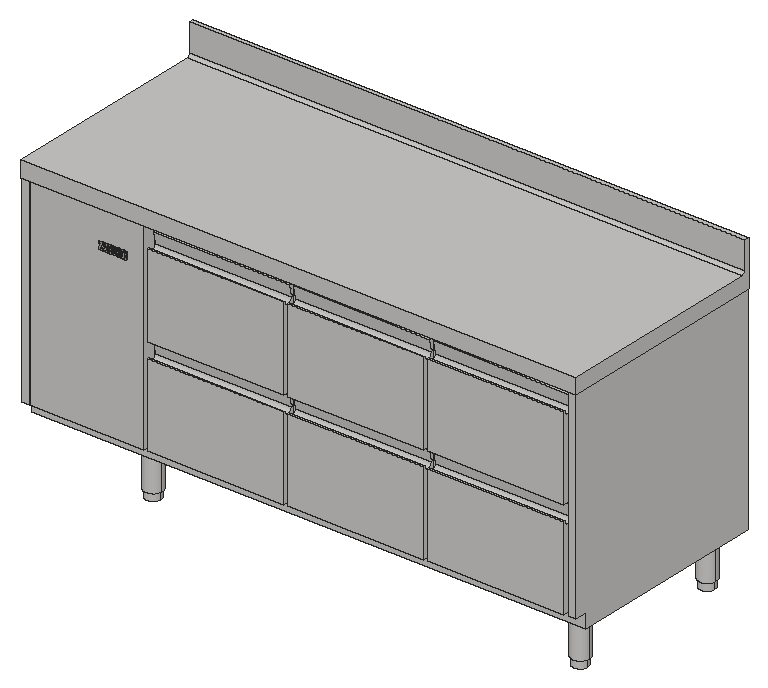
Revit family "QF_ZANUSSI_111048_ZH3H3BBB", category Specialty Equipment, Revit 2018 (continued)
Definition of nested family "ZAN_Cooling Unit"
  Lines and regions (mm)
    Split face 129
      outline origin (55.016, 2, -293.144) x (0, 0, 1) y (-1, 0, 0)
        loop
          line (502.647, 158.547) -> (502.647, 116.535)
          arc (502.647, 116.535) -> (506.648, 112.533) -> (510.649, 116.535) r 4.001
          line (510.649, 116.535) -> (510.649, 158.547)
    Split face 130
      outline origin (110.032, 2, -113.091) x (0, 0, 1) y (-1, 0, 0)
        loop
          arc (510.649, 158.547) -> (506.648, 162.548) -> (502.647, 158.547) r 4.001
          line (502.647, 158.547) -> (502.647, 116.535)
          arc (502.647, 116.535) -> (506.648, 112.533) -> (510.649, 116.535) r 4.001
          line (510.649, 116.535) -> (510.649, 158.547)
    Split face 131
      outline origin (110.032, 2, -125.094) x (0, 0, 1) y (-1, 0, 0)
        loop
          arc (510.649, 158.547) -> (506.648, 162.548) -> (502.647, 158.547) r 4.001
          line (502.647, 158.547) -> (502.647, 116.535)
          arc (502.647, 116.535) -> (506.648, 112.533) -> (510.649, 116.535) r 4.001
          line (510.649, 116.535) -> (510.649, 158.547)
    Split face 132
      outline origin (110.032, 2, -137.098) x (0, 0, 1) y (-1, 0, 0)
        loop
          arc (510.649, 158.547) -> (506.648, 162.548) -> (502.647, 158.547) r 4.001
          line (502.647, 158.547) -> (502.647, 116.535)
          arc (502.647, 116.535) -> (506.648, 112.533) -> (510.649, 116.535) r 4.001
          line (510.649, 116.535) -> (510.649, 158.547)
    Split face 133
      outline origin (110.032, 2, -149.101) x (0, 0, 1) y (-1, 0, 0)
        loop
          arc (510.649, 158.547) -> (506.648, 162.548) -> (502.647, 158.547) r 4.001
          line (502.647, 158.547) -> (502.647, 116.535)
          arc (502.647, 116.535) -> (506.648, 112.533) -> (510.649, 116.535) r 4.001
          line (510.649, 116.535) -> (510.649, 158.547)
    Split face 134
      outline origin (110.032, 2, -161.105) x (0, 0, 1) y (-1, 0, 0)
        loop
          arc (510.649, 158.547) -> (506.648, 162.548) -> (502.647, 158.547) r 4.001
          line (502.647, 158.547) -> (502.647, 116.535)
          arc (502.647, 116.535) -> (506.648, 112.533) -> (510.649, 116.535) r 4.001
          line (510.649, 116.535) -> (510.649, 158.547)
    Split face 135
      outline origin (110.032, 2, -173.108) x (0, 0, 1) y (-1, 0, 0)
        loop
          arc (510.649, 158.547) -> (506.648, 162.548) -> (502.647, 158.547) r 4.001
          line (502.647, 158.547) -> (502.647, 116.535)
          arc (502.647, 116.535) -> (506.648, 112.533) -> (510.649, 116.535) r 4.001
          line (510.649, 116.535) -> (510.649, 158.547)
    Split face 136
      outline origin (110.032, 2, -185.112) x (0, 0, 1) y (-1, 0, 0)
        loop
          arc (510.649, 158.547) -> (506.648, 162.548) -> (502.647, 158.547) r 4.001
          line (502.647, 158.547) -> (502.647, 116.535)
          arc (502.647, 116.535) -> (506.648, 112.533) -> (510.649, 116.535) r 4.001
          line (510.649, 116.535) -> (510.649, 158.547)
    Split face 137
      outline origin (110.032, 2, -197.115) x (0, 0, 1) y (-1, 0, 0)
        loop
          arc (510.649, 158.547) -> (506.648, 162.548) -> (502.647, 158.547) r 4.001
          line (502.647, 158.547) -> (502.647, 116.535)
          arc (502.647, 116.535) -> (506.648, 112.533) -> (510.649, 116.535) r 4.001
          line (510.649, 116.535) -> (510.649, 158.547)
    Split face 138
      outline origin (110.032, 2, -209.119) x (0, 0, 1) y (-1, 0, 0)
        loop
          arc (510.649, 158.547) -> (506.648, 162.548) -> (502.647, 158.547) r 4.001
          line (502.647, 158.547) -> (502.647, 116.535)
          arc (502.647, 116.535) -> (506.648, 112.533) -> (510.649, 116.535) r 4.001
          line (510.649, 116.535) -> (510.649, 158.547)
    Split face 139
      outline origin (110.032, 2, -221.122) x (0, 0, 1) y (-1, 0, 0)
        loop
          arc (510.649, 158.547) -> (506.648, 162.548) -> (502.647, 158.547) r 4.001
          line (502.647, 158.547) -> (502.647, 116.535)
          arc (502.647, 116.535) -> (506.648, 112.533) -> (510.649, 116.535) r 4.001
          line (510.649, 116.535) -> (510.649, 158.547)
    Split face 140
      outline origin (110.032, 2, -233.126) x (0, 0, 1) y (-1, 0, 0)
        loop
          arc (510.649, 158.547) -> (506.648, 162.548) -> (502.647, 158.547) r 4.001
          line (502.647, 158.547) -> (502.647, 116.535)
          arc (502.647, 116.535) -> (506.648, 112.533) -> (510.649, 116.535) r 4.001
          line (510.649, 116.535) -> (510.649, 158.547)
    Split face 141
      outline origin (110.032, 2, -245.129) x (0, 0, 1) y (-1, 0, 0)
        loop
          arc (510.649, 158.547) -> (506.648, 162.548) -> (502.647, 158.547) r 4.001
          line (502.647, 158.547) -> (502.647, 116.535)
          arc (502.647, 116.535) -> (506.648, 112.533) -> (510.649, 116.535) r 4.001
          line (510.649, 116.535) -> (510.649, 158.547)
    Split face 142
      outline origin (110.032, 2, -257.133) x (0, 0, 1) y (-1, 0, 0)
        loop
          arc (510.649, 158.547) -> (506.648, 162.548) -> (502.647, 158.547) r 4.001
          line (502.647, 158.547) -> (502.647, 116.535)
          arc (502.647, 116.535) -> (506.648, 112.533) -> (510.649, 116.535) r 4.001
          line (510.649, 116.535) -> (510.649, 158.547)
    Split face 143
      outline origin (110.032, 2, -269.136) x (0, 0, 1) y (-1, 0, 0)
        loop
          arc (510.649, 158.547) -> (506.648, 162.548) -> (502.647, 158.547) r 4.001
          line (502.647, 158.547) -> (502.647, 116.535)
          arc (502.647, 116.535) -> (506.648, 112.533) -> (510.649, 116.535) r 4.001
          line (510.649, 116.535) -> (510.649, 158.547)
    Split face 144
      outline origin (110.032, 2, -281.14) x (0, 0, 1) y (-1, 0, 0)
        loop
          arc (510.649, 158.547) -> (506.648, 162.548) -> (502.647, 158.547) r 4.001
          line (502.647, 158.547) -> (502.647, 116.535)
          arc (502.647, 116.535) -> (506.648, 112.533) -> (510.649, 116.535) r 4.001
          line (510.649, 116.535) -> (510.649, 158.547)
    Split face 145
      outline origin (110.032, 2, -293.144) x (0, 0, 1) y (-1, 0, 0)
        loop
          arc (510.649, 158.547) -> (506.648, 162.548) -> (502.647, 158.547) r 4.001
          line (502.647, 158.547) -> (502.647, 116.535)
          arc (502.647, 116.535) -> (506.648, 112.533) -> (510.649, 116.535) r 4.001
          line (510.649, 116.535) -> (510.649, 158.547)
    Split face 146
      outline origin (165.048, 2, -113.091) x (0, 0, 1) y (-1, 0, 0)
        loop
          arc (510.649, 158.547) -> (506.648, 162.548) -> (502.647, 158.547) r 4.001
          line (502.647, 158.547) -> (502.647, 116.535)
          arc (502.647, 116.535) -> (506.648, 112.533) -> (510.649, 116.535) r 4.001
          line (510.649, 116.535) -> (510.649, 158.547)
    Split face 147
      outline origin (165.048, 2, -125.094) x (0, 0, 1) y (-1, 0, 0)
        loop
          arc (510.649, 158.547) -> (506.648, 162.548) -> (502.647, 158.547) r 4.001
          line (502.647, 158.547) -> (502.647, 116.535)
          arc (502.647, 116.535) -> (506.648, 112.533) -> (510.649, 116.535) r 4.001
          line (510.649, 116.535) -> (510.649, 158.547)
    Split face 148
      outline origin (165.048, 2, -137.098) x (0, 0, 1) y (-1, 0, 0)
        loop
          arc (510.649, 158.547) -> (506.648, 162.548) -> (502.647, 158.547) r 4.001
          line (502.647, 158.547) -> (502.647, 116.535)
          arc (502.647, 116.535) -> (506.648, 112.533) -> (510.649, 116.535) r 4.001
          line (510.649, 116.535) -> (510.649, 158.547)
    Split face 149
      outline origin (165.048, 2, -149.101) x (0, 0, 1) y (-1, 0, 0)
        loop
          arc (510.649, 158.547) -> (506.648, 162.548) -> (502.647, 158.547) r 4.001
          line (502.647, 158.547) -> (502.647, 116.535)
          arc (502.647, 116.535) -> (506.648, 112.533) -> (510.649, 116.535) r 4.001
          line (510.649, 116.535) -> (510.649, 158.547)
    Split face 150
      outline origin (165.048, 2, -161.105) x (0, 0, 1) y (-1, 0, 0)
        loop
          arc (510.649, 158.547) -> (506.648, 162.548) -> (502.647, 158.547) r 4.001
          line (502.647, 158.547) -> (502.647, 116.535)
          arc (502.647, 116.535) -> (506.648, 112.533) -> (510.649, 116.535) r 4.001
          line (510.649, 116.535) -> (510.649, 158.547)
    Split face 151
      outline origin (165.048, 2, -173.108) x (0, 0, 1) y (-1, 0, 0)
        loop
          arc (510.649, 158.547) -> (506.648, 162.548) -> (502.647, 158.547) r 4.001
          line (502.647, 158.547) -> (502.647, 116.535)
          arc (502.647, 116.535) -> (506.648, 112.533) -> (510.649, 116.535) r 4.001
          line (510.649, 116.535) -> (510.649, 158.547)
    Split face 152
      outline origin (165.048, 2, -185.112) x (0, 0, 1) y (-1, 0, 0)
        loop
          arc (510.649, 158.547) -> (506.648, 162.548) -> (502.647, 158.547) r 4.001
          line (502.647, 158.547) -> (502.647, 116.535)
          arc (502.647, 116.535) -> (506.648, 112.533) -> (510.649, 116.535) r 4.001
          line (510.649, 116.535) -> (510.649, 158.547)
    Split face 153
      outline origin (165.048, 2, -197.115) x (0, 0, 1) y (-1, 0, 0)
        loop
          arc (510.649, 158.547) -> (506.648, 162.548) -> (502.647, 158.547) r 4.001
          line (502.647, 158.547) -> (502.647, 116.535)
          arc (502.647, 116.535) -> (506.648, 112.533) -> (510.649, 116.535) r 4.001
          line (510.649, 116.535) -> (510.649, 158.547)
    Split face 154
      outline origin (165.048, 2, -209.119) x (0, 0, 1) y (-1, 0, 0)
        loop
          arc (510.649, 158.547) -> (506.648, 162.548) -> (502.647, 158.547) r 4.001
          line (502.647, 158.547) -> (502.647, 116.535)
          arc (502.647, 116.535) -> (506.648, 112.533) -> (510.649, 116.535) r 4.001
          line (510.649, 116.535) -> (510.649, 158.547)
    Split face 155
      outline origin (165.048, 2, -221.122) x (0, 0, 1) y (-1, 0, 0)
        loop
          arc (510.649, 158.547) -> (506.648, 162.548) -> (502.647, 158.547) r 4.001
          line (502.647, 158.547) -> (502.647, 116.535)
          arc (502.647, 116.535) -> (506.648, 112.533) -> (510.649, 116.535) r 4.001
          line (510.649, 116.535) -> (510.649, 158.547)
    Split face 156
      outline origin (165.048, 2, -233.126) x (0, 0, 1) y (-1, 0, 0)
        loop
          arc (510.649, 158.547) -> (506.648, 162.548) -> (502.647, 158.547) r 4.001
          line (502.647, 158.547) -> (502.647, 116.535)
          arc (502.647, 116.535) -> (506.648, 112.533) -> (510.649, 116.535) r 4.001
          line (510.649, 116.535) -> (510.649, 158.547)
    Split face 157
      outline origin (165.048, 2, -245.129) x (0, 0, 1) y (-1, 0, 0)
        loop
          arc (510.649, 158.547) -> (506.648, 162.548) -> (502.647, 158.547) r 4.001
          line (502.647, 158.547) -> (502.647, 116.535)
          arc (502.647, 116.535) -> (506.648, 112.533) -> (510.649, 116.535) r 4.001
          line (510.649, 116.535) -> (510.649, 158.547)
    Split face 158
      outline origin (165.048, 2, -257.133) x (0, 0, 1) y (-1, 0, 0)
        loop
          arc (510.649, 158.547) -> (506.648, 162.548) -> (502.647, 158.547) r 4.001
          line (502.647, 158.547) -> (502.647, 116.535)
          arc (502.647, 116.535) -> (506.648, 112.533) -> (510.649, 116.535) r 4.001
          line (510.649, 116.535) -> (510.649, 158.547)
    Split face 159
      outline origin (165.048, 2, -269.136) x (0, 0, 1) y (-1, 0, 0)
        loop
          arc (510.649, 158.547) -> (506.648, 162.548) -> (502.647, 158.547) r 4.001
          line (502.647, 158.547) -> (502.647, 116.535)
          arc (502.647, 116.535) -> (506.648, 112.533) -> (510.649, 116.535) r 4.001
          line (510.649, 116.535) -> (510.649, 158.547)
    Split face 160
      outline origin (165.048, 2, -281.14) x (0, 0, 1) y (-1, 0, 0)
        loop
          arc (510.649, 158.547) -> (506.648, 162.548) -> (502.647, 158.547) r 4.001
          line (502.647, 158.547) -> (502.647, 116.535)
          arc (502.647, 116.535) -> (506.648, 112.533) -> (510.649, 116.535) r 4.001
          line (510.649, 116.535) -> (510.649, 158.547)
    Split face 161
      outline origin (165.048, 2, -293.144) x (0, 0, 1) y (-1, 0, 0)
        loop
          arc (510.649, 158.547) -> (506.648, 162.548) -> (502.647, 158.547) r 4.001
          line (502.647, 158.547) -> (502.647, 116.535)
          arc (502.647, 116.535) -> (506.648, 112.533) -> (510.649, 116.535) r 4.001
          line (510.649, 116.535) -> (510.649, 158.547)
    Split face 162
      outline origin (220.064, 2, -113.091) x (0, 0, 1) y (-1, 0, 0)
        loop
          arc (510.649, 158.547) -> (506.648, 162.548) -> (502.647, 158.547) r 4.001
          line (502.647, 158.547) -> (502.647, 116.535)
          arc (502.647, 116.535) -> (506.648, 112.533) -> (510.649, 116.535) r 4.001
          line (510.649, 116.535) -> (510.649, 158.547)
    Split face 163
      outline origin (220.064, 2, -125.094) x (0, 0, 1) y (-1, 0, 0)
        loop
          arc (510.649, 158.547) -> (506.648, 162.548) -> (502.647, 158.547) r 4.001
          line (502.647, 158.547) -> (502.647, 116.535)
          arc (502.647, 116.535) -> (506.648, 112.533) -> (510.649, 116.535) r 4.001
          line (510.649, 116.535) -> (510.649, 158.547)
    Split face 164
      outline origin (220.064, 2, -137.098) x (0, 0, 1) y (-1, 0, 0)
        loop
          arc (510.649, 158.547) -> (506.648, 162.548) -> (502.647, 158.547) r 4.001
          line (502.647, 158.547) -> (502.647, 116.535)
          arc (502.647, 116.535) -> (506.648, 112.533) -> (510.649, 116.535) r 4.001
          line (510.649, 116.535) -> (510.649, 158.547)
    Split face 165
      outline origin (220.064, 2, -149.101) x (0, 0, 1) y (-1, 0, 0)
        loop
          arc (510.649, 158.547) -> (506.648, 162.548) -> (502.647, 158.547) r 4.001
          line (502.647, 158.547) -> (502.647, 116.535)
          arc (502.647, 116.535) -> (506.648, 112.533) -> (510.649, 116.535) r 4.001
          line (510.649, 116.535) -> (510.649, 158.547)
    Split face 166
      outline origin (220.064, 2, -161.105) x (0, 0, 1) y (-1, 0, 0)
        loop
          arc (510.649, 158.547) -> (506.648, 162.548) -> (502.647, 158.547) r 4.001
          line (502.647, 158.547) -> (502.647, 116.535)
          arc (502.647, 116.535) -> (506.648, 112.533) -> (510.649, 116.535) r 4.001
          line (510.649, 116.535) -> (510.649, 158.547)
    Split face 167
      outline origin (220.064, 2, -173.108) x (0, 0, 1) y (-1, 0, 0)
        loop
          arc (510.649, 158.547) -> (506.648, 162.548) -> (502.647, 158.547) r 4.001
          line (502.647, 158.547) -> (502.647, 116.535)
          arc (502.647, 116.535) -> (506.648, 112.533) -> (510.649, 116.535) r 4.001
          line (510.649, 116.535) -> (510.649, 158.547)
    Split face 168
      outline origin (220.064, 2, -185.112) x (0, 0, 1) y (-1, 0, 0)
        loop
          arc (510.649, 158.547) -> (506.648, 162.548) -> (502.647, 158.547) r 4.001
          line (502.647, 158.547) -> (502.647, 116.535)
          arc (502.647, 116.535) -> (506.648, 112.533) -> (510.649, 116.535) r 4.001
          line (510.649, 116.535) -> (510.649, 158.547)
    Split face 169
      outline origin (220.064, 2, -197.115) x (0, 0, 1) y (-1, 0, 0)
        loop
          arc (510.649, 158.547) -> (506.648, 162.548) -> (502.647, 158.547) r 4.001
          line (502.647, 158.547) -> (502.647, 116.535)
          arc (502.647, 116.535) -> (506.648, 112.533) -> (510.649, 116.535) r 4.001
          line (510.649, 116.535) -> (510.649, 158.547)
    Split face 170
      outline origin (220.064, 2, -209.119) x (0, 0, 1) y (-1, 0, 0)
        loop
          arc (510.649, 158.547) -> (506.648, 162.548) -> (502.647, 158.547) r 4.001
          line (502.647, 158.547) -> (502.647, 116.535)
          arc (502.647, 116.535) -> (506.648, 112.533) -> (510.649, 116.535) r 4.001
          line (510.649, 116.535) -> (510.649, 158.547)
    Split face 171
      outline origin (220.064, 2, -221.122) x (0, 0, 1) y (-1, 0, 0)
        loop
          arc (510.649, 158.547) -> (506.648, 162.548) -> (502.647, 158.547) r 4.001
          line (502.647, 158.547) -> (502.647, 116.535)
          arc (502.647, 116.535) -> (506.648, 112.533) -> (510.649, 116.535) r 4.001
          line (510.649, 116.535) -> (510.649, 158.547)
    Split face 172
      outline origin (220.064, 2, -233.126) x (0, 0, 1) y (-1, 0, 0)
        loop
          arc (510.649, 158.547) -> (506.648, 162.548) -> (502.647, 158.547) r 4.001
          line (502.647, 158.547) -> (502.647, 116.535)
          arc (502.647, 116.535) -> (506.648, 112.533) -> (510.649, 116.535) r 4.001
          line (510.649, 116.535) -> (510.649, 158.547)
    Split face 173
      outline origin (220.064, 2, -245.129) x (0, 0, 1) y (-1, 0, 0)
        loop
          arc (510.649, 158.547) -> (506.648, 162.548) -> (502.647, 158.547) r 4.001
          line (502.647, 158.547) -> (502.647, 116.535)
          arc (502.647, 116.535) -> (506.648, 112.533) -> (510.649, 116.535) r 4.001
          line (510.649, 116.535) -> (510.649, 158.547)
    Split face 174
      outline origin (220.064, 2, -257.133) x (0, 0, 1) y (-1, 0, 0)
        loop
          arc (510.649, 158.547) -> (506.648, 162.548) -> (502.647, 158.547) r 4.001
          line (502.647, 158.547) -> (502.647, 116.535)
          arc (502.647, 116.535) -> (506.648, 112.533) -> (510.649, 116.535) r 4.001
          line (510.649, 116.535) -> (510.649, 158.547)
    Split face 175
      outline origin (220.064, 2, -269.136) x (0, 0, 1) y (-1, 0, 0)
        loop
          arc (510.649, 158.547) -> (506.648, 162.548) -> (502.647, 158.547) r 4.001
          line (502.647, 158.547) -> (502.647, 116.535)
          arc (502.647, 116.535) -> (506.648, 112.533) -> (510.649, 116.535) r 4.001
          line (510.649, 116.535) -> (510.649, 158.547)
    Split face 176
      outline origin (220.064, 2, -281.14) x (0, 0, 1) y (-1, 0, 0)
        loop
          arc (510.649, 158.547) -> (506.648, 162.548) -> (502.647, 158.547) r 4.001
          line (502.647, 158.547) -> (502.647, 116.535)
          arc (502.647, 116.535) -> (506.648, 112.533) -> (510.649, 116.535) r 4.001
          line (510.649, 116.535) -> (510.649, 158.547)
    Split face 177
      outline origin (220.064, 2, -293.144) x (0, 0, 1) y (-1, 0, 0)
        loop
          arc (510.649, 158.547) -> (506.648, 162.548) -> (502.647, 158.547) r 4.001
          line (502.647, 158.547) -> (502.647, 116.535)
          arc (502.647, 116.535) -> (506.648, 112.533) -> (510.649, 116.535) r 4.001
          line (510.649, 116.535) -> (510.649, 158.547)
    Split face 178
      outline origin (275.081, 2, -113.091) x (0, 0, 1) y (-1, 0, 0)
        loop
          arc (510.649, 158.547) -> (506.648, 162.548) -> (502.647, 158.547) r 4.001
          line (502.647, 158.547) -> (502.647, 116.535)
          arc (502.647, 116.535) -> (506.648, 112.533) -> (510.649, 116.535) r 4.001
          line (510.649, 116.535) -> (510.649, 158.547)
    Split face 179
      outline origin (275.081, 2, -125.094) x (0, 0, 1) y (-1, 0, 0)
        loop
          arc (510.649, 158.547) -> (506.648, 162.548) -> (502.647, 158.547) r 4.001
          line (502.647, 158.547) -> (502.647, 116.535)
          arc (502.647, 116.535) -> (506.648, 112.533) -> (510.649, 116.535) r 4.001
          line (510.649, 116.535) -> (510.649, 158.547)
    Split face 180
      outline origin (275.081, 2, -137.098) x (0, 0, 1) y (-1, 0, 0)
        loop
          arc (510.649, 158.547) -> (506.648, 162.548) -> (502.647, 158.547) r 4.001
          line (502.647, 158.547) -> (502.647, 116.535)
          arc (502.647, 116.535) -> (506.648, 112.533) -> (510.649, 116.535) r 4.001
          line (510.649, 116.535) -> (510.649, 158.547)
    Split face 181
      outline origin (275.081, 2, -149.101) x (0, 0, 1) y (-1, 0, 0)
        loop
          arc (510.649, 158.547) -> (506.648, 162.548) -> (502.647, 158.547) r 4.001
          line (502.647, 158.547) -> (502.647, 116.535)
          arc (502.647, 116.535) -> (506.648, 112.533) -> (510.649, 116.535) r 4.001
          line (510.649, 116.535) -> (510.649, 158.547)
    Split face 182
      outline origin (275.081, 2, -161.105) x (0, 0, 1) y (-1, 0, 0)
        loop
          arc (510.649, 158.547) -> (506.648, 162.548) -> (502.647, 158.547) r 4.001
          line (502.647, 158.547) -> (502.647, 116.535)
          arc (502.647, 116.535) -> (506.648, 112.533) -> (510.649, 116.535) r 4.001
          line (510.649, 116.535) -> (510.649, 158.547)
    Split face 183
      outline origin (275.081, 2, -173.108) x (0, 0, 1) y (-1, 0, 0)
        loop
          arc (510.649, 158.547) -> (506.648, 162.548) -> (502.647, 158.547) r 4.001
          line (502.647, 158.547) -> (502.647, 116.535)
          arc (502.647, 116.535) -> (506.648, 112.533) -> (510.649, 116.535) r 4.001
          line (510.649, 116.535) -> (510.649, 158.547)
    Split face 184
      outline origin (275.081, 2, -185.112) x (0, 0, 1) y (-1, 0, 0)
        loop
          arc (510.649, 158.547) -> (506.648, 162.548) -> (502.647, 158.547) r 4.001
          line (502.647, 158.547) -> (502.647, 116.535)
          arc (502.647, 116.535) -> (506.648, 112.533) -> (510.649, 116.535) r 4.001
          line (510.649, 116.535) -> (510.649, 158.547)
    Split face 185
      outline origin (275.081, 2, -197.115) x (0, 0, 1) y (-1, 0, 0)
        loop
          arc (510.649, 158.547) -> (506.648, 162.548) -> (502.647, 158.547) r 4.001
          line (502.647, 158.547) -> (502.647, 116.535)
          arc (502.647, 116.535) -> (506.648, 112.533) -> (510.649, 116.535) r 4.001
          line (510.649, 116.535) -> (510.649, 158.547)
    Split face 186
      outline origin (275.081, 2, -209.119) x (0, 0, 1) y (-1, 0, 0)
        loop
          arc (510.649, 158.547) -> (506.648, 162.548) -> (502.647, 158.547) r 4.001
          line (502.647, 158.547) -> (502.647, 116.535)
          arc (502.647, 116.535) -> (506.648, 112.533) -> (510.649, 116.535) r 4.001
          line (510.649, 116.535) -> (510.649, 158.547)
    Split face 187
      outline origin (275.081, 2, -221.122) x (0, 0, 1) y (-1, 0, 0)
        loop
          arc (510.649, 158.547) -> (506.648, 162.548) -> (502.647, 158.547) r 4.001
          line (502.647, 158.547) -> (502.647, 116.535)
          arc (502.647, 116.535) -> (506.648, 112.533) -> (510.649, 116.535) r 4.001
          line (510.649, 116.535) -> (510.649, 158.547)
    Split face 188
      outline origin (275.081, 2, -233.126) x (0, 0, 1) y (-1, 0, 0)
        loop
          arc (510.649, 158.547) -> (506.648, 162.548) -> (502.647, 158.547) r 4.001
          line (502.647, 158.547) -> (502.647, 116.535)
          arc (502.647, 116.535) -> (506.648, 112.533) -> (510.649, 116.535) r 4.001
          line (510.649, 116.535) -> (510.649, 158.547)
    Split face 189
      outline origin (275.081, 2, -245.129) x (0, 0, 1) y (-1, 0, 0)
        loop
          arc (510.649, 158.547) -> (506.648, 162.548) -> (502.647, 158.547) r 4.001
          line (502.647, 158.547) -> (502.647, 116.535)
          arc (502.647, 116.535) -> (506.648, 112.533) -> (510.649, 116.535) r 4.001
          line (510.649, 116.535) -> (510.649, 158.547)
    Split face 190
      outline origin (275.081, 2, -257.133) x (0, 0, 1) y (-1, 0, 0)
        loop
          arc (510.649, 158.547) -> (506.648, 162.548) -> (502.647, 158.547) r 4.001
          line (502.647, 158.547) -> (502.647, 116.535)
          arc (502.647, 116.535) -> (506.648, 112.533) -> (510.649, 116.535) r 4.001
          line (510.649, 116.535) -> (510.649, 158.547)
    Split face 191
      outline origin (275.081, 2, -269.136) x (0, 0, 1) y (-1, 0, 0)
        loop
          arc (510.649, 158.547) -> (506.648, 162.548) -> (502.647, 158.547) r 4.001
          line (502.647, 158.547) -> (502.647, 116.535)
          arc (502.647, 116.535) -> (506.648, 112.533) -> (510.649, 116.535) r 4.001
          line (510.649, 116.535) -> (510.649, 158.547)
    Split face 192
      outline origin (275.081, 2, -281.14) x (0, 0, 1) y (-1, 0, 0)
        loop
          arc (510.649, 158.547) -> (506.648, 162.548) -> (502.647, 158.547) r 4.001
          line (502.647, 158.547) -> (502.647, 116.535)
          arc (502.647, 116.535) -> (506.648, 112.533) -> (510.649, 116.535) r 4.001
          line (510.649, 116.535) -> (510.649, 158.547)
    Split face 193
      outline origin (275.081, 2, -293.144) x (0, 0, 1) y (-1, 0, 0)
        loop
          arc (510.649, 158.547) -> (506.648, 162.548) -> (502.647, 158.547) r 4.001
          line (502.647, 158.547) -> (502.647, 116.535)
          arc (502.647, 116.535) -> (506.648, 112.533) -> (510.649, 116.535) r 4.001
          line (510.649, 116.535) -> (510.649, 158.547)
    Split face 194
      outline origin (0, 2, 197) x (0, 0, 1) y (-1, 0, 0)
        loop
          spline (566.835, 20.381) -> (564.628, 19.058) -> (561.987, 18.027) -> (558.955, 17.386) -> (555.581, 17.244) -> (551.912, 17.703) -> (547.993, 18.863) -> (543.871, 20.83) -> (539.591, 23.706) -> (535.202, 27.594) -> (530.748, 32.597) -> (526.28, 38.824) -> (521.835, 46.362)
        loop
          spline (521.835, 58.392) -> (525.386, 49.242) -> (529.197, 41.481) -> (533.2, 35.023) -> (537.329, 29.786) -> (541.516, 25.684) -> (545.695, 22.634) -> (549.798, 20.552) -> (553.759, 19.355) -> (557.511, 18.958) -> (560.984, 19.275) -> (564.115, 20.227) -> (566.835, 21.726)
    Split face 195
      outline origin (0, 2, 197) x (0, 0, 1) y (-1, 0, 0)
        loop
          line (555.835, 149.5) -> (532.835, 149.5) -> (532.835, 94.5) -> (555.835, 94.5) -> (555.835, 149.5)
  Dimensions and locks
    aligned and locked: level to plane 2
  Nested families
    nested 1: "ZAN_Logo_S_Grey" at (85, 2, 741.213) x (1, 0, 0) z (0, -1, 0), visible <- "Show Logo", type "ZAN_Logo_S_Grey"
  Definition of nested family "ZAN_Logo_S_Grey"
    Parameters
      Default Elevation = 0 mm
    Reference planes
      plane 1 "Centro (Fronte/Retro)": y = 0
      plane 2: z = 0
      plane 3 "Centro (Sinistra/Destra)": x = 0
    Forms (mm)
      Extrusion 1, solid
        sketch origin (0, 0, 0) x (1, 0, 0) y (0, 1, 0)
          loop
            line (-1219.2, 1219.2) -> (-1219.2, -1219.2) -> (1219.2, -1219.2) -> (1219.2, 1219.2) -> (-1219.2, 1219.2)
        from 0 to -304.8
      Extrusion 2, solid
        sketch origin (17.793, -46.218, 0) x (-1, 0, 0) y (0, -1, 0)
          loop
            spline (-4.176, -58.079) -> (-3.496, -58.328) -> (-2.793, -58.512) -> (-2.075, -58.63) -> (-1.348, -58.682) -> (-0.619, -58.669) -> (0.106, -58.588) -> (0.818, -58.44) -> (1.512, -58.225) -> (2.18, -57.941) -> (2.817, -57.589) -> (3.414, -57.167) -> (3.966, -56.676)
            spline (3.966, -56.676) -> (4.293, -56.162) -> (4.575, -55.61) -> (4.81, -55.026) -> (5, -54.419) -> (5.146, -53.797) -> (5.247, -53.166) -> (5.304, -52.536) -> (5.318, -51.913) -> (5.288, -51.306) -> (5.217, -50.723) -> (5.103, -50.17) -> (4.949, -49.657)
            line (4.949, -49.657) -> (2.702, -46.428) -> (0.316, -44.323)
            spline (0.316, -44.323) -> (0.065, -44.115) -> (-0.195, -43.909) -> (-0.46, -43.704) -> (-0.729, -43.496) -> (-0.997, -43.282) -> (-1.263, -43.059) -> (-1.523, -42.825) -> (-1.774, -42.576) -> (-2.013, -42.309) -> (-2.238, -42.022) -> (-2.445, -41.712) -> (-2.632, -41.375)
            spline (-2.632, -41.375) -> (-2.666, -41.159) -> (-2.697, -40.934) -> (-2.722, -40.701) -> (-2.736, -40.465) -> (-2.736, -40.227) -> (-2.72, -39.989) -> (-2.682, -39.754) -> (-2.621, -39.524) -> (-2.533, -39.302) -> (-2.414, -39.091) -> (-2.261, -38.892) -> (-2.07, -38.708)
            line (-2.07, -38.708) -> (-0.245, -38.567)
            spline (-0.245, -38.567) -> (0.096, -38.8) -> (0.354, -39.074) -> (0.54, -39.381) -> (0.664, -39.716) -> (0.738, -40.073) -> (0.772, -40.445) -> (0.777, -40.825) -> (0.763, -41.208) -> (0.742, -41.588) -> (0.723, -41.957) -> (0.718, -42.309) -> (0.737, -42.638)
            line (0.737, -42.638) -> (5.65, -42.638)
            spline (5.65, -42.638) -> (5.708, -42.042) -> (5.741, -41.448) -> (5.747, -40.857) -> (5.723, -40.273) -> (5.668, -39.696) -> (5.58, -39.129) -> (5.457, -38.574) -> (5.297, -38.032) -> (5.098, -37.506) -> (4.857, -36.997) -> (4.574, -36.508) -> (4.247, -36.041)
            spline (4.247, -36.041) -> (3.844, -35.675) -> (3.409, -35.35) -> (2.946, -35.065) -> (2.458, -34.819) -> (1.949, -34.612) -> (1.421, -34.444) -> (0.88, -34.314) -> (0.326, -34.221) -> (-0.234, -34.165) -> (-0.8, -34.146) -> (-1.366, -34.163) -> (-1.93, -34.216)
            spline (-1.93, -34.216) -> (-2.526, -34.309) -> (-3.116, -34.448) -> (-3.695, -34.633) -> (-4.259, -34.861) -> (-4.801, -35.131) -> (-5.316, -35.444) -> (-5.799, -35.798) -> (-6.245, -36.191) -> (-6.648, -36.624) -> (-7.002, -37.095) -> (-7.303, -37.603) -> (-7.545, -38.146)
            spline (-7.545, -38.146) -> (-7.694, -38.815) -> (-7.792, -39.487) -> (-7.839, -40.158) -> (-7.836, -40.824) -> (-7.785, -41.482) -> (-7.685, -42.129) -> (-7.539, -42.762) -> (-7.347, -43.377) -> (-7.111, -43.97) -> (-6.83, -44.538) -> (-6.506, -45.078) -> (-6.141, -45.586)
            line (-6.141, -45.586) -> (-0.526, -50.64) -> (0.176, -51.482)
            spline (0.176, -51.482) -> (0.248, -51.66) -> (0.323, -51.843) -> (0.397, -52.03) -> (0.467, -52.22) -> (0.529, -52.412) -> (0.579, -52.605) -> (0.615, -52.798) -> (0.633, -52.989) -> (0.63, -53.179) -> (0.601, -53.366) -> (0.545, -53.55) -> (0.456, -53.728)
            spline (0.456, -53.728) -> (0.375, -53.892) -> (0.273, -54.034) -> (0.154, -54.155) -> (0.02, -54.258) -> (-0.126, -54.343) -> (-0.28, -54.412) -> (-0.441, -54.466) -> (-0.604, -54.508) -> (-0.767, -54.537) -> (-0.928, -54.556) -> (-1.082, -54.567) -> (-1.228, -54.57)
            line (-1.228, -54.57) -> (-2.632, -53.587) -> (-2.772, -50.64) -> (-7.405, -50.64)
            spline (-7.405, -50.64) -> (-7.41, -51.031) -> (-7.423, -51.432) -> (-7.44, -51.839) -> (-7.456, -52.251) -> (-7.469, -52.665) -> (-7.475, -53.079) -> (-7.468, -53.489) -> (-7.446, -53.894) -> (-7.404, -54.291) -> (-7.339, -54.679) -> (-7.247, -55.053) -> (-7.123, -55.412)
            spline (-7.123, -55.412) -> (-6.999, -55.693) -> (-6.837, -55.97) -> (-6.643, -56.244) -> (-6.422, -56.509) -> (-6.177, -56.765) -> (-5.913, -57.009) -> (-5.634, -57.238) -> (-5.346, -57.45) -> (-5.051, -57.643) -> (-4.755, -57.814) -> (-4.462, -57.96) -> (-4.176, -58.079)
          loop
            spline (-21.021, -55.552) -> (-20.633, -56.181) -> (-20.177, -56.736) -> (-19.661, -57.217) -> (-19.092, -57.627) -> (-18.478, -57.966) -> (-17.827, -58.237) -> (-17.147, -58.441) -> (-16.446, -58.578) -> (-15.73, -58.652) -> (-15.009, -58.662) -> (-14.29, -58.611) -> (-13.581, -58.5)
            spline (-13.581, -58.5) -> (-13.088, -58.407) -> (-12.595, -58.269) -> (-12.109, -58.088) -> (-11.636, -57.866) -> (-11.183, -57.605) -> (-10.756, -57.307) -> (-10.361, -56.974) -> (-10.004, -56.608) -> (-9.692, -56.211) -> (-9.431, -55.784) -> (-9.228, -55.33) -> (-9.089, -54.851)
            spline (-9.089, -54.851) -> (-8.873, -54.211) -> (-8.715, -53.559) -> (-8.615, -52.901) -> (-8.574, -52.241) -> (-8.592, -51.585) -> (-8.668, -50.938) -> (-8.802, -50.306) -> (-8.995, -49.693) -> (-9.247, -49.106) -> (-9.557, -48.55) -> (-9.925, -48.03) -> (-10.352, -47.551)
            line (-10.352, -47.551) -> (-15.546, -42.919) -> (-16.669, -41.234)
            spline (-16.669, -41.234) -> (-16.704, -41.021) -> (-16.735, -40.804) -> (-16.761, -40.583) -> (-16.778, -40.361) -> (-16.784, -40.139) -> (-16.774, -39.919) -> (-16.748, -39.701) -> (-16.7, -39.488) -> (-16.63, -39.28) -> (-16.533, -39.08) -> (-16.406, -38.889) -> (-16.248, -38.708)
            line (-16.248, -38.708) -> (-14.844, -38.427)
            spline (-14.844, -38.427) -> (-14.347, -38.545) -> (-13.969, -38.749) -> (-13.695, -39.028) -> (-13.508, -39.368) -> (-13.393, -39.757) -> (-13.335, -40.182) -> (-13.318, -40.63) -> (-13.326, -41.089) -> (-13.344, -41.546) -> (-13.356, -41.988) -> (-13.347, -42.403) -> (-13.3, -42.779)
            line (-13.3, -42.779) -> (-8.387, -42.638)
            spline (-8.387, -42.638) -> (-8.326, -42.034) -> (-8.288, -41.417) -> (-8.277, -40.794) -> (-8.299, -40.169) -> (-8.357, -39.548) -> (-8.457, -38.936) -> (-8.604, -38.339) -> (-8.803, -37.762) -> (-9.058, -37.21) -> (-9.375, -36.689) -> (-9.758, -36.204) -> (-10.212, -35.76)
            spline (-10.212, -35.76) -> (-10.793, -35.336) -> (-11.409, -34.976) -> (-12.054, -34.679) -> (-12.723, -34.445) -> (-13.409, -34.273) -> (-14.107, -34.163) -> (-14.811, -34.115) -> (-15.515, -34.127) -> (-16.213, -34.2) -> (-16.899, -34.333) -> (-17.568, -34.526) -> (-18.213, -34.777)
            spline (-18.213, -34.777) -> (-18.496, -34.897) -> (-18.783, -35.044) -> (-19.071, -35.216) -> (-19.357, -35.412) -> (-19.639, -35.629) -> (-19.915, -35.865) -> (-20.182, -36.119) -> (-20.438, -36.389) -> (-20.681, -36.672) -> (-20.907, -36.967) -> (-21.115, -37.272) -> (-21.301, -37.585)
            spline (-21.301, -37.585) -> (-21.55, -38.26) -> (-21.734, -38.948) -> (-21.854, -39.647) -> (-21.91, -40.351) -> (-21.901, -41.057) -> (-21.828, -41.761) -> (-21.69, -42.459) -> (-21.489, -43.148) -> (-21.222, -43.823) -> (-20.892, -44.48) -> (-20.497, -45.116) -> (-20.038, -45.726)
            line (-20.038, -45.726) -> (-14.142, -51.061) -> (-13.44, -52.886) -> (-14.002, -54.289) -> (-15.265, -54.57) -> (-16.669, -53.587) -> (-16.81, -50.78) -> (-21.582, -50.64)
            spline (-21.582, -50.64) -> (-21.558, -51.063) -> (-21.55, -51.491) -> (-21.554, -51.92) -> (-21.561, -52.35) -> (-21.567, -52.778) -> (-21.565, -53.201) -> (-21.547, -53.619) -> (-21.509, -54.029) -> (-21.444, -54.43) -> (-21.345, -54.818) -> (-21.206, -55.193) -> (-21.021, -55.552)
          loop
            line (-22.424, -34.216) -> (-27.337, -34.216) -> (-27.337, -58.22) -> (-22.424, -58.22) -> (-22.424, -34.216)
          loop
            line (14.213, -39.971) -> (14.213, -58.22) -> (19.126, -58.22) -> (19.126, -42.077) -> (18.845, -38.146) -> (18.424, -37.164) -> (17.442, -35.9) -> (16.459, -35.199) -> (14.494, -34.356) -> (13.511, -34.216) -> (11.265, -34.216) -> (10.142, -34.497) -> (8.458, -35.479) -> (6.493, -38.287) -> (6.352, -39.269) -> (6.352, -58.22) -> (11.265, -58.22) -> (11.265, -40.392) -> (11.827, -39.129) -> (13.371, -38.988) -> (14.213, -39.971)
          loop
            line (20.249, -58.22) -> (24.741, -58.22) -> (24.741, -42.919) -> (28.812, -58.22) -> (34.006, -58.22) -> (34.006, -34.216) -> (29.654, -34.216) -> (29.654, -50.078) -> (25.583, -34.216) -> (20.249, -34.216) -> (20.249, -58.22)
          loop
            line (50.149, -58.22) -> (62.361, -58.22) -> (62.361, -53.728) -> (55.904, -53.868) -> (62.923, -39.129) -> (62.923, -34.216) -> (50.149, -34.216) -> (50.149, -39.129) -> (57.517, -39.129) -> (50.149, -54.149) -> (50.149, -58.22)
          loop
            line (38.778, -58.22) -> (45.516, -58.22) -> (49.868, -34.216) -> (44.814, -34.216) -> (44.113, -38.848) -> (40.042, -38.848) -> (39.34, -34.216) -> (34.286, -34.216) -> (38.778, -58.22)
          loop
            line (43.551, -43.2) -> (40.744, -43.2) -> (42.147, -54.117) -> (43.551, -43.2)
        from 0 to 1.644
    Dimensions and locks
      aligned and locked: plane 2 to Extrusion 1
      aligned and locked: level to Extrusion 1
Definition of nested family "Refrigerator"
  Reference planes
    plane 1 "Center (Front/Back)": y = 0
    plane 2: z = 0
    plane 3 "Center (Left/Right)": x = 0
  Lines and regions (mm)
    detail lines, in view "Ref. Level"
      curve 1: spline (-500, 190, 0) -> (-493.185, 166.706, 0) -> (-473.205, 145, 0) -> (-441.421, 126.36, 0) -> (-400, 112.058, 0) -> (-351.764, 103.067, 0) -> (-300, 100, 0) -> (-248.236, 103.067, 0) -> (-200, 112.058, 0) -> (-158.579, 126.36, 0) -> (-126.795, 145, 0) -> (-106.815, 166.706, 0) -> (-100, 190, 0) -> (-106.815, 213.294, 0) -> (-126.795, 235, 0) -> (-158.579, 253.64, 0) -> (-200, 267.942, 0) -> (-248.236, 276.933, 0) -> (-300, 280, 0) -> (-351.764, 276.933, 0) -> (-400, 267.942, 0) -> (-441.421, 253.64, 0) -> (-473.205, 235, 0) -> (-493.185, 213.294, 0) -> (-500, 190, 0)
      curve 2: line (-300, 130, 0) -> (-300, 250, 0)
      curve 3: line (-351.962, 220, 0) -> (-248.038, 160, 0)
      curve 4: line (-351.962, 160, 0) -> (-248.038, 220, 0)
      curve 5: line (-280.884, 246.873, 0) -> (-300, 225, 0)
      curve 6: line (-300, 225, 0) -> (-319.116, 246.873, 0)
      curve 7: line (-330.311, 207.5, 0) -> (-339.696, 234.992, 0)
      curve 8: line (-358.812, 201.882, 0) -> (-330.311, 207.5, 0)
      curve 9: line (-330.311, 172.5, 0) -> (-358.812, 178.118, 0)
      curve 10: line (-339.696, 145.008, 0) -> (-330.311, 172.5, 0)
      curve 11: line (-300, 155, 0) -> (-319.116, 133.127, 0)
      curve 12: line (-280.884, 133.127, 0) -> (-300, 155, 0)
      curve 13: line (-269.689, 172.5, 0) -> (-260.304, 145.008, 0)
      curve 14: line (-241.188, 178.118, 0) -> (-269.689, 172.5, 0)
      curve 15: line (-269.689, 207.5, 0) -> (-241.188, 201.882, 0)
      curve 16: line (-260.304, 234.992, 0) -> (-269.689, 207.5, 0)
